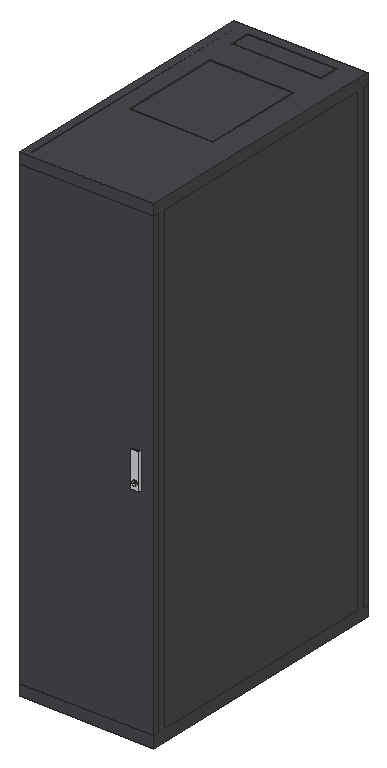
Revit family "Baie Linkeo DC largeur 600", category Equipement spécialisé, Revit 2020
Family settings
  Cote de connecteur circulaire = Utiliser le diamètre
  Type d'élément = Normal
  Basée sur le plan de construction = Non
  Toujours verticalement = Oui
  Couper avec des vides une fois chargée = Non
  Partagée = Oui
  Point de calcul de pièce = Non
Parameters (values of type "Baie Linkeo2 47U 600x1200")
  Finition du rail profilé = "Recourbée"
  Température de stockage = "-25°C à 70°C"
  Nombre d'unités en hauteur = 47
  Profondeur du modèle = 1200.00 mm
  Hauteur du modèle = 2190.00 mm
  Type d'aération = "Passive"
  Nombre de portes = "1"
  Lien e-catalogue = "https://www.legrand.fr/reference/446805/pro"
  RAL = "9005"
  Hauteur = 2269.00 mm
  Classe d'application = "EC002499"
  Passage utile en hauteur (mm) = 1881.00 mm
  Avec porte frontale = yes
  Modèle = "Corps fixe"
  Matériau de la porte avant = IDS_ACIER
  Elévation par défaut = 0.00 mm
  Avec tôle de toit = yes
  Avec mise à la terre = yes
  Modèle de largeur = 600.00 mm
  Verrouillage de la porte avant = "A trois points"
  Distance ouverture 1 = 275.00 mm
  Capacité de charge max = "1500"
  Référence Legrand = "446805"
  Fonction = "Baies serveur Linkeo DC"
  Indice de protection IK = "IK02"
  Profondeur = 1200.00 mm
  Finition de surface = "Poudré"
  Température de fonctionnement = "-25°C à 70°C"
  Indice de protection IP = "IP20"
  Passage utile en largeur (mm) = 1090.00 mm
  Libellé BIM = "Baie Linkeo DC 47U 600x1200 équipée"
  Emplacement de rack = 93.00 mm
  Largeur (mm) = 600.00 mm
  Couleur = IDS_NOIR
  Matériau = "Acier"
  Type de montage = "Avant et arrière"
  Dimension modulaire = "19 pouces"
Types (4, lengths in mm): name | Nombre d'unités en hauteur | Profondeur du modèle | Hauteur du modèle | Lien e-catalogue | Hauteur | Référence Legrand | Profondeur | Passage utile en largeur (mm) | Libellé BIM
  Baie Linkeo2 42U 600x1000 | 42 | 1000.00 | 1965.00 | "https://www.legrand.fr/reference/446800/pro" | 2047.00 | "446800" | 1000.00 | 890.00 | "Baie Linkeo DC 42U 600x1000 équipée"
  Baie Linkeo2 42U 600x1200 | 42 | 1200.00 | 1965.00 | "https://www.legrand.fr/reference/446801/pro" | 2047.00 | "446801" | 1200.00 | 1090.00 | "Baie Linkeo DC 42U 600x1200 équipée"
  Baie Linkeo2 47U 600x1000 | 47 | 1000.00 | 2190.00 | "https://www.legrand.fr/reference/446804/pro" | 2269.00 | "446804" | 1000.00 | 890.00 | "Baie Linkeo DC 47U 600x1000 équipée"
  Baie Linkeo2 47U 600x1200 | 47 | 1200.00 | 2190.00 | "https://www.legrand.fr/reference/446805/pro" | 2269.00 | "446805" | 1200.00 | 1090.00 | "Baie Linkeo DC 47U 600x1200 équipée"
Reference planes
  plane 1 "Centre (avant/arrière)": y = 106
  plane 2: z = 0
  plane 3: x = 0
  plane 4: x = 600
  plane 5: z = 2190
  plane 6: y = -1094
  plane 7: x = 55
  plane 8: x = 545
  plane 9: x = 300
  plane 10: z = 2140
  plane 11: z = 50
  plane 12: z = 1095
  plane 13: y = -1092
  plane 14: x = 300
  plane 15: y = -444.5
  plane 16: y = 455.094
  plane 17: x = 1428.928
  plane 18: z = -485.313
  plane 19: x = 2466.566
  plane 20: z = 1095
  plane 21: x = 300
  plane 22: x = 500
  plane 23: x = 100
  plane 24: x = 300
  plane 25: y = -1001
  plane 26: x = 525
  plane 27: y = -999.5
  plane 28: x = 556.5
  plane 29: x = 558
  plane 30: y = -960.5
  plane 31: y = -959
  plane 32: x = 534.5
  plane 33: x = 536
  plane 34: z = 80
  plane 35: z = 89.5
  plane 36: x = 528.5
  plane 37: x = 538
  plane 38: z = 111.75
  plane 39: z = 121.25
  plane 40: y = -742.5
  plane 41: y = -752
  plane 42: z = 105.38
  plane 43: z = 95.88
  plane 44: x = 77
  plane 45: x = 67.5
  plane 46: x = 66
  plane 47: z = 55
  plane 48: z = 2155
  plane 49: z = 1095
  plane 50: y = -1094
  plane 51: y = 66
  plane 52: z = 35
  plane 53: y = -601
  plane 54 "Panneaux gauche": y = -997.5
  plane 55 "Panneaux droit": y = 62.5
  plane 56 "Panneaux haut": z = 2153
  plane 57: z = 2105
  plane 58: z = 2105
  plane 59: y = -467.5
  plane 60: x = 175
  plane 61: x = 425
  plane 62: y = 61
  plane 63: y = -29
  plane 64: x = 100
  plane 65: x = 500
  plane 66: y = -344.658
  plane 67: y = 102.842
  plane 68: y = -342.158
  plane 69: x = 102.5
  plane 70: y = 91.5
  plane 71: y = 7.5
  plane 72: x = 499.5
  plane 73: y = -619
  plane 74: y = -171.5
  plane 75: y = -616.5
  plane 76: x = 51
  plane 77: x = 141
  plane 78: y = -92
  plane 79: y = -496
  plane 80: y = -94.5
  plane 81: x = 53.5
  plane 82: x = 459
  plane 83: x = 549
  plane 84: x = 115
  plane 85: x = 485
  plane 86: x = 115
  plane 87: x = 485
  plane 88: y = -1001
  plane 89: z = 124.45
  plane 90: x = 42
  plane 91: y = -493.5
  plane 92: x = 102.5
  plane 93: x = 102.5
  plane 94: x = 561.5
  plane 95: z = 2122
  plane 96: y = -494
  plane 97: y = 84.5
  plane 98: y = -1072.5
  plane 99: x = 41
  plane 100: x = 559
  plane 101: x = 300
  plane 102: z = 2122
  plane 103: y = -694
  plane 104: z = 72
  plane 105: z = 2118
  plane 106: y = 82.5
  plane 107: y = -1070.5
  plane 108: x = 138.5
  plane 109: x = 546.5
  plane 110: x = 578.5
  plane 111: x = 21.5
  plane 112: z = 2035.5
  plane 113: z = 154.5
  plane 114: z = 1095
  plane 115: y = -494
  plane 116: y = 51
  plane 117: y = -1039
  plane 118: y = -294
  plane 119: y = -494
  plane 120: y = -26.5
  plane 121: y = 58.5
  plane 122: x = 497.5
  plane 123: y = 13.5
  plane 124: y = 98.5
  plane 125: x = 497.5
  plane 126: x = 150
  plane 127: x = 450
  plane 128: x = 177.5
  plane 129: x = 422.5
  plane 130: y = -169
  plane 131: y = 105.342
  plane 132: x = 112.5
  plane 133: x = 487.5
  plane 134: x = 112.5
  plane 135: x = 487.5
  plane 136: x = 505
  plane 137: x = 541
  plane 138: z = 1175
  plane 139: z = 1015
  plane 140: x = 523
  plane 141: y = -870
  plane 142: y = -1070
  plane 143: y = 82
  plane 144: y = -1104
  plane 145: x = 95
  plane 146: x = 59
  plane 147: z = 1175
  plane 148: z = 1015
  plane 149: x = 77
  plane 150: z = 2079.5
  plane 151: z = 2079.5
  plane 152: z = 0
  plane 153: z = 27
Forms (mm)
  Extrusion 1, solid, material "IDS_NOIR" <- "Couleur"
    sketch origin (0, 0, 0) x (0, 1, 0) y (0, 0, 1)
      loop
        line (-1094, 0) -> (106, 0) -> (106, 2190) -> (-1094, 2190) -> (-1094, 0)
    from 0 to 600
  Extrusion 2, void
    sketch origin (-250, 82.5, 1200) x (1, 0, 0) y (0, 0, 1)
      loop
        line (285, 988) -> (285, -1198) -> (815, -1198) -> (815, 988) -> (285, 988)
    from 0 to 1153
  Extrusion 3, void
    sketch origin (0, 106, 0) x (1, 0, 0) y (0, 0, 1)
      loop
        line (55, 2140) -> (55, 50) -> (545, 50) -> (545, 2140) -> (55, 2140)
    from 0 to 1200
  Extrusion 4, solid
    sketch origin (597, -1094, 132.5) x (0, 0, 1) y (-1, 0, 0)
      loop
        line (1042.5, 92) -> (882.5, 92) -> (882.5, 56) -> (1042.5, 56) -> (1042.5, 92)
    from 0 to 10
  Extrusion 5, void
    sketch origin (597, -1106.5, 132.5) x (0, 0, -1) y (-1, 0, 0)
      loop
        line (-906.261, 78.459) -> (-908.194, 80.391) -> (-918.8, 69.785) -> (-916.867, 67.852) -> (-906.261, 78.459)
    from 0 to 2
  Extrusion 6, void
    sketch origin (0, -23, 0) x (1, 0, 0) y (0, 1, 0)
      loop
        line (112.5, -596) -> (487.5, -596) -> (487.5, -146) -> (112.5, -146) -> (112.5, -596)
    from 2190 to 1927.5
  Extrusion 7, void
    sketch origin (0, 106, 2190) x (1, 0, 0) y (0, -1, 0)
      loop
        line (100, 135) -> (100, 45) -> (500, 45) -> (500, 135) -> (100, 135)
    from 2 to 0
  Extrusion 8, solid, material "IDS_NOIR" <- "Couleur"
    sketch origin (0, 106, 2190) x (0, -1, 0) y (1, 0, 0)
      loop
        line (47.5, 102.5) -> (132.5, 102.5) -> (132.5, 497.5) -> (47.5, 497.5) -> (47.5, 102.5)
    from 0 to -2
  Extrusion 9, solid, material "IDS_NOIR" <- "Couleur", not visible
    sketch origin (0, 146, 850) x (0, -1, 0) y (1, 0, 0)
      loop
        line (47.5, 102.5) -> (132.5, 102.5) -> (132.5, 497.5) -> (47.5, 497.5) -> (47.5, 102.5)
    from 0 to -2
  Extrusion 10, solid, material "IDS_NOIR" <- "Couleur"
    sketch origin (0, 106, 2190) x (0, -1, 0) y (1, 0, 0)
      loop
        line (277.5, 115) -> (722.5, 115) -> (722.5, 485) -> (277.5, 485) -> (277.5, 115)
    from -2 to 0
  Extrusion 11, void
    sketch origin (0, 106, 0) x (1, 0, 0) y (0, 0, 1)
      loop
        line (549, 2118) -> (51, 2118) -> (51, 72) -> (549, 72) -> (549, 2118)
    from 2 to 0
  Extrusion 12, void
    sketch origin (0, 0, 0) x (0, 1, 0) y (0, 0, 1)
      loop
        line (51, 2140) -> (-1039, 2140) -> (-1039, 50) -> (51, 50) -> (51, 2140)
    from 0 to 21.5
  Extrusion 13, solid, material "IDS_NOIR" <- "Couleur"
    sketch origin (0, 0, 0) x (0, 1, 0) y (0, 0, 1)
      loop
        line (51, 2140) -> (-1039, 2140) -> (-1039, 50) -> (51, 50) -> (51, 2140)
    from 0 to 21.5
  Extrusion 14, solid, material "IDS_NOIR" <- "Couleur"
    sketch origin (600, 0, 0) x (0, 1, 0) y (0, 0, 1)
      loop
        line (-1039, 2140) -> (-1039, 50) -> (51, 50) -> (51, 2140) -> (-1039, 2140)
    from 0 to -21.5
  Extrusion 15, void
    sketch origin (600, 0, 0) x (0, -1, 0) y (0, 0, 1)
      loop
        line (1039, 2140) -> (-51, 2140) -> (-51, 50) -> (1039, 50) -> (1039, 2140)
    from 0 to 21.5
  Extrusion 16, void
    sketch origin (0, 0, 0) x (0, 1, 0) y (0, 0, 1)
      loop
        line (51, 2140) -> (-1039, 2140) -> (-1039, 50) -> (51, 50) -> (51, 2140)
    from 0 to 600
  Extrusion 17, void
    sketch origin (0, -1094, 0) x (1, 0, 0) y (0, -1, 0)
      loop
        line (175, -1155) -> (425, -1155) -> (425, -1065) -> (175, -1065) -> (175, -1155)
    from -2 to 0
  Extrusion 18, solid, material "IDS_NOIR" <- "Couleur"
    sketch origin (0, 106, 2190) x (0, -1, 0) y (1, 0, 0)
      loop
        line (132.5, 177.5) -> (132.5, 422.5) -> (47.5, 422.5) -> (47.5, 177.5) -> (132.5, 177.5)
    from -2190 to -2188
  Extrusion 19, solid
    sketch origin (597, -1104, 132.5) x (0, 0, 1) y (-1, 0, 0)
      loop
        circle (912.5, 74) r 10
    from 0 to 2.5
  Extrusion 20, void
    sketch origin (600, 0, 0) x (0, -1, 0) y (0, 0, 1)
      loop
        line (1094, 2140) -> (1070, 2140) -> (1070, 50) -> (1094, 50) -> (1094, 2140)
      loop
        line (-82, 2140) -> (-106, 2140) -> (-106, 50) -> (-82, 50) -> (-82, 2140)
    from 0 to 600
  Extrusion 21, solid, material "IDS_NOIR" <- "Couleur"
    sketch origin (600, 0, 0) x (0, 1, 0) y (0, 0, 1)
      loop
        line (-1094, 2140) -> (-1094, 50) -> (-1070, 50) -> (-1070, 2140) -> (-1094, 2140)
      loop
        line (82.5, 2140) -> (82.5, 50) -> (106, 50) -> (106, 2140) -> (82.5, 2140)
    from -600 to 0
  Extrusion 22, solid
    sketch origin (600, 106, 2140) x (0, 0, -1) y (-1, 0, 0)
      loop
        line (965, 505) -> (1125, 505) -> (1125, 541) -> (965, 541) -> (965, 505)
    from 0 to 10
  Extrusion 23, solid
    sketch origin (600, 116, 2140) x (0, 0, -1) y (-1, 0, 0)
      loop
        circle (1095, 523) r 10
    from 0 to 2.5
  Extrusion 24, void
    sketch origin (-445.581, 118.5, 2139.497) x (0, 0, 1) y (-1, 0, 0)
      loop
        line (-1099.92, -526.801) -> (-1097.728, -528.994) -> (-1087.121, -518.387) -> (-1089.314, -516.194) -> (-1099.92, -526.801)
    from 0 to 2
Cuts and joins
  Extrusion 2, Extrusion 3, Extrusion 6, Extrusion 7, Extrusion 11, Extrusion 12, Extrusion 15, Extrusion 16, Extrusion 17, Extrusion 20 cuts Extrusion 1
  Extrusion 5 cuts Extrusion 4
  Extrusion 20 cuts Extrusion 14
  Extrusion 5 cuts Extrusion 19
  Extrusion 24 cuts Extrusion 23
Lines and regions (mm)
  model lines, not visible
    curve 1: line (488, 106, 1095) -> (510, 106, 1095)
    curve 2: line (604, -455.5, 2105) -> (604, -467.5, 2105)
Dimensions and locks
  "Modèle de largeur": plane 4 to plane 3
  "Hauteur du modèle": plane 5 to level
  "Profondeur du modèle": plane 6 to plane 1 "Centre (avant/arrière)"
  locked: plane 7 to plane 8 at 490
  equal spacing: plane 7, plane 9, plane 8
  equal spacing: plane 4, plane 9, plane 3
  equal spacing: plane 5, plane 12, level
  equal spacing: plane 10, plane 12, plane 11
  Extrusion 2 sketch curve to plane 3 = 35.00 mm
  Extrusion 2 sketch curve to plane 4 = 35.00 mm
  locked: Extrusion 2 sketch curve to level at 2
  locked: plane 5 to Extrusion 2 sketch curve at 2
  locked: plane 6 to plane 13 at 2
  cut or joined group 1 (Extrusion 1, Extrusion 2, Extrusion 3, Extrusion 6, Extrusion 7, Extrusion 11, Extrusion 12, Extrusion 15, Extrusion 16, Extrusion 17, Extrusion 20) to plane 1 "Centre (avant/arrière)" = 23.50 mm
  equal spacing: plane 3, plane 14, plane 4
  equal spacing: plane 23, plane 24, plane 22
  "Emplacement de rack": plane 25 to plane 6
  locked: plane 27 to plane 25 at 1.5
  locked: plane 28 to plane 29 at 1.5
  locked: plane 30 to plane 31 at 1.5
  locked: plane 32 to plane 33 at 1.5
  plane 29 to cut or joined group 1 = 7.00 mm
  locked: plane 26 to plane 28 at 31.5
  locked: plane 31 to plane 25 at 42
  locked: plane 32 to plane 29 at 23.5
  locked: plane 34 to level at 80
  locked: plane 35 to plane 34 at 9.5
  locked: plane 36 to plane 37 at 9.5
  locked: plane 26 to plane 36 at 3.5
  locked: plane 39 to plane 38 at 9.5
  locked: plane 38 to plane 34 at 31.75
  plane 41 to plane 40 = 9.50 mm
  locked: plane 42 to plane 43 at 9.5
  plane 43 to plane 35 = 6.38 mm
  locked: plane 45 to plane 46 at 1.5
  locked: plane 47 to plane 11 at 5
  plane 5 to plane 48 to plane 10 = 35.00 mm, 15.00 mm
  locked: plane 51 to plane 1 "Centre (avant/arrière)" at 40
  locked: plane 52 to level at 35
  locked: plane 48 to plane 5 at 35
  locked: plane 25 to plane 54 "Panneaux gauche" at 3.5
  locked: plane 55 "Panneaux droit" to plane 51 at 3.5
  locked: plane 56 "Panneaux haut" to plane 48 at 2
  plane 57 to plane 5 = 85.00 mm
  locked: plane 5 to plane 58 at 85
  plane 54 "Panneaux gauche" to plane 55 "Panneaux droit" = 1060.00 mm
  equal spacing: plane 54 "Panneaux gauche", plane 59, plane 55 "Panneaux droit"
  locked: plane 64 to plane 65 at 400
  locked: plane 78 to plane 79 at 404
  locked: plane 76 to plane 77 at 90
  locked: plane 78 to plane 80 at 2.5
  locked: plane 76 to plane 81 at 2.5
  locked: plane 3 to plane 76 at 51
  locked: plane 82 to plane 83 at 90
  plane 83 to plane 4 = 51.00 mm
  locked: plane 89 to plane 34 at 44.45
  equal spacing: plane 90, plane 24, plane 29
  locked: plane 90 to plane 29 at 516
  plane 1 "Centre (avant/arrière)" to plane 62 = 45.00 mm
  cut or joined group 1 to plane 63 = 90.00 mm
  plane 91 to plane 79 = 2.50 mm
  plane 5 to plane 95 = 68.00 mm
  equal spacing: plane 97, plane 96, plane 98
  equal spacing: plane 1 "Centre (avant/arrière)", plane 96, plane 6
  equal spacing: plane 99, plane 101, plane 100, locked at 259 each
  equal spacing: Extrusion 12 sketch curve, plane 96, Extrusion 12 sketch curve
  "Passage utile en largeur (mm)": Extrusion 12 sketch curve to Extrusion 12 sketch curve
  locked: plane 104 to level at 72
  plane 5 to plane 105 = 72.00 mm
  locked: plane 1 "Centre (avant/arrière)" to plane 106 at 23.5
  locked: plane 50 to plane 107 at 23.5
  locked: plane 108 to plane 77 at 2.5
  locked: plane 109 to plane 83 at 2.5
  locked: plane 110 to plane 4 at 21.5
  locked: plane 3 to plane 111 at 21.5
  equal spacing: plane 112, plane 114, plane 113
  "Passage utile en hauteur (mm)": plane 112 to plane 113
  equal spacing: plane 116, plane 115, plane 117
  "Passage utile en largeur (mm)": plane 116 to plane 117
  equal spacing: plane 1 "Centre (avant/arrière)", plane 118, plane 103
  equal spacing: plane 50, plane 119, plane 1 "Centre (avant/arrière)"
  locked: plane 11 to level at 50
  plane 5 to level = 2190.00 mm
  plane 6 to plane 1 "Centre (avant/arrière)" = 1200.00 mm
  equal spacing: plane 126, plane 24, plane 127
  locked: plane 126 to plane 127 at 300
  plane 132 to plane 133 = 375.00 mm
  "Distance ouverture 1": cut or joined group 1 to plane 1 "Centre (avant/arrière)"
  locked: plane 137 to plane 136 at 36
  locked: plane 138 to plane 139 at 160
  cut or joined group 1 to plane 141 = 224.00 mm
  plane 6 to plane 142 = 24.00 mm
  plane 143 to plane 1 "Centre (avant/arrière)" = 24.00 mm
  locked: plane 144 to plane 6 at 10
  plane 138 to plane 139 = 160.00 mm
  equal spacing: cut or joined group of Extrusion 4, Extrusion 5, plane 140, cut or joined group of Extrusion 4, Extrusion 5
  Extrusion 19 sketch curve to cut or joined group of Extrusion 4, Extrusion 5 = 30.00 mm
  locked: plane 146 to plane 145 at 36
  locked: plane 147 to plane 148 at 160
  plane 147 to plane 148 = 160.00 mm
  Extrusion 22 to Extrusion 23 sketch curve = 30.00 mm
  locked: plane 5 to plane 150 at 110.5
  aligned and locked: level to plane 2
  aligned and locked: Extrusion 1 sketch curve to level
  aligned and locked: Extrusion 1 sketch curve to plane 6
  aligned and locked: plane 5 to Extrusion 1 sketch curve
  aligned and locked: Extrusion 1 sketch curve to plane 1 "Centre (avant/arrière)"
  aligned and locked: Extrusion 1 to plane 4
  aligned and locked: Extrusion 1 to plane 3
  aligned and locked: Extrusion 3 sketch curve to plane 10
  aligned and locked: Extrusion 3 sketch curve to plane 7
  aligned and locked: plane 11 to Extrusion 3 sketch curve
  aligned and locked: Extrusion 3 sketch curve to plane 8
  aligned and locked: Extrusion 1 to Extrusion 3  (x2)
  aligned and locked: plane 24 to plane 9
  aligned and locked: plane 20 to plane 12
  aligned and locked: plane 49 to plane 20
  aligned and locked: plane 6 to plane 50
  aligned and locked: Extrusion 7 sketch curve to plane 64
  aligned and locked: plane 65 to Extrusion 7 sketch curve
  aligned and locked: Extrusion 1 to Extrusion 7
  aligned and locked: Extrusion 10 to cut or joined group 1
  aligned and locked: plane 5 to Extrusion 10
  aligned and locked: plane 83 to Extrusion 11 sketch curve
  aligned and locked: plane 76 to Extrusion 11 sketch curve
  aligned and locked: Extrusion 11 to Extrusion 1
  aligned and locked: plane 88 to plane 25
  aligned and locked: Extrusion 7 sketch curve to plane 62
  aligned and locked: Extrusion 7 sketch curve to plane 63
  aligned and locked: Extrusion 8 to plane 92
  aligned and locked: Extrusion 9 to plane 93
  aligned and locked: Extrusion 1 to Extrusion 6
  aligned and locked: plane 101 to plane 14
  aligned and locked: plane 102 to plane 95
  aligned and locked: plane 105 to Extrusion 11 sketch curve
  aligned and locked: Extrusion 11 sketch curve to plane 104
  aligned and locked: cut or joined group 1 to Extrusion 13 sketch curve  (x2)
  aligned and locked: Extrusion 14 sketch curve to cut or joined group 1  (x4)
  aligned and locked: plane 106 to Extrusion 2
  aligned and locked: Extrusion 2 to plane 107
  aligned and locked: Extrusion 14 to plane 110
  aligned and locked: Extrusion 13 to plane 111
  aligned and locked: Extrusion 12 to Extrusion 13
  aligned and locked: Extrusion 15 sketch curve to Extrusion 14  (x2)
  aligned and locked: Extrusion 15 sketch curve to cut or joined group 1  (x2)
  aligned and locked: Extrusion 15 to Extrusion 14
  aligned and locked: plane 12 to plane 114
  aligned and locked: Extrusion 16 sketch curve to plane 11
  aligned and locked: Extrusion 16 sketch curve to plane 117
  aligned and locked: plane 116 to Extrusion 16 sketch curve
  aligned and locked: plane 10 to Extrusion 16 sketch curve
  aligned and locked: Extrusion 16 to plane 4
  aligned and locked: plane 96 to plane 115
  aligned and locked: Extrusion 7 to Extrusion 2
  aligned and locked: Extrusion 8 to plane 120
  aligned and locked: plane 121 to Extrusion 8
  aligned and locked: plane 69 to Extrusion 8
  aligned and locked: Extrusion 8 to plane 122
  aligned and locked: Extrusion 9 to plane 123
  aligned and locked: plane 124 to Extrusion 9
  aligned and locked: Extrusion 9 to plane 125
  aligned and locked: Extrusion 17 sketch curve to plane 62
  aligned and locked: plane 63 to Extrusion 17 sketch curve
  aligned and locked: Extrusion 17 to cut or joined group 1
  aligned and locked: Extrusion 17 to level
  aligned and locked: Extrusion 18 sketch curve to plane 120
  aligned and locked: Extrusion 18 sketch curve to plane 128
  aligned and locked: plane 121 to Extrusion 18 sketch curve
  aligned and locked: Extrusion 18 sketch curve to plane 129
  aligned and locked: Extrusion 18 to cut or joined group 1
  aligned and locked: Extrusion 18 to level
  aligned and locked: Extrusion 17 sketch curve to plane 60
  aligned and locked: Extrusion 17 sketch curve to plane 61
  aligned and locked: Extrusion 7 to Extrusion 8
  aligned and locked: Extrusion 6 sketch curve to plane 73
  aligned and locked: Extrusion 6 sketch curve to plane 132
  aligned and locked: Extrusion 6 sketch curve to plane 130
  aligned and locked: Extrusion 6 sketch curve to plane 133
  aligned and locked: Extrusion 10 sketch curve to plane 74
  aligned and locked: Extrusion 10 sketch curve to plane 84
  aligned and locked: plane 75 to Extrusion 10 sketch curve
  aligned and locked: Extrusion 10 sketch curve to plane 85
  aligned and locked: plane 10 to Extrusion 13 sketch curve
  aligned and locked: Extrusion 13 sketch curve to plane 11
  aligned and locked: Extrusion 12 sketch curve to plane 11
  aligned and locked: plane 10 to Extrusion 12 sketch curve
  aligned and locked: plane 136 to Extrusion 4 sketch curve
  aligned and locked: Extrusion 4 sketch curve to plane 137
  aligned and locked: Extrusion 19 to cut or joined group of Extrusion 4, Extrusion 5
  aligned and locked: Extrusion 19 to Extrusion 5
  aligned and locked: cut or joined group 1 to Extrusion 20 sketch curve
  aligned and locked: plane 10 to Extrusion 20 sketch curve  (x2)
  aligned and locked: plane 6 to Extrusion 20 sketch curve
  aligned and locked: plane 142 to Extrusion 20
  aligned and locked: plane 143 to Extrusion 20 sketch curve
  aligned and locked: Extrusion 20 sketch curve to plane 1 "Centre (avant/arrière)"
  aligned and locked: Extrusion 20 sketch curve to plane 11
  aligned and locked: Extrusion 21 sketch curve to plane 142
  aligned and locked: Extrusion 21 sketch curve to plane 6
  aligned and locked: plane 11 to Extrusion 21 sketch curve  (x2)
  aligned and locked: Extrusion 21 sketch curve to plane 10  (x2)
  aligned and locked: Extrusion 21 to plane 3
  aligned and locked: Extrusion 21 to plane 4
  aligned and locked: plane 1 "Centre (avant/arrière)" to Extrusion 21 sketch curve
  aligned and locked: plane 106 to Extrusion 21 sketch curve
  aligned and locked: Extrusion 4 to plane 6
  aligned and locked: cut or joined group of Extrusion 4, Extrusion 5 to plane 144
  aligned and locked: plane 139 to Extrusion 4 sketch curve
  aligned and locked: Extrusion 4 sketch curve to plane 138
  aligned and locked: plane 145 to Extrusion 22 sketch curve
  aligned and locked: Extrusion 22 sketch curve to plane 146
  aligned and locked: plane 148 to Extrusion 22 sketch curve
  aligned and locked: Extrusion 22 sketch curve to plane 147
  aligned and locked: plane 151 to plane 150
Automatic sketch dimensions
  curve 2 to curve 2 = 12.00 mm
  Extrusion 8 sketch curve to Extrusion 8 sketch curve = 85.00 mm
  Extrusion 8 sketch curve to Extrusion 8 sketch curve = 395.00 mm
  Extrusion 9 sketch curve to Extrusion 9 sketch curve = 85.00 mm
  Extrusion 9 sketch curve to Extrusion 9 sketch curve = 395.00 mm
  curve 1 to plane 12 = 0.00 mm
  curve 1 to plane 133 = 0.50 mm
  curve 1 to plane 22 = 10.00 mm
  curve 2 to plane 57 = 0.00 mm
  curve 2 to plane 59 = 0.00 mm
  plane 59 to curve 2 = 12.00 mm
  Extrusion 24 sketch curve to Extrusion 24 sketch curve = 2.193 mm  (x2)
  Extrusion 24 sketch curve to Extrusion 24 sketch curve = 10.607 mm
  Extrusion 5 sketch curve to Extrusion 5 sketch curve = 1.933 mm  (x2)
  Extrusion 5 sketch curve to Extrusion 5 sketch curve = 10.607 mm
  Extrusion 19 sketch curve to Extrusion 4 = 18.00 mm
  Extrusion 20 sketch curve to Extrusion 20 sketch curve = 24.00 mm
  Extrusion 23 sketch curve to Extrusion 22 = 18.00 mm
  radius of Extrusion 19 sketch curve = 10.00 mm
  radius of Extrusion 23 sketch curve = 10.00 mm
